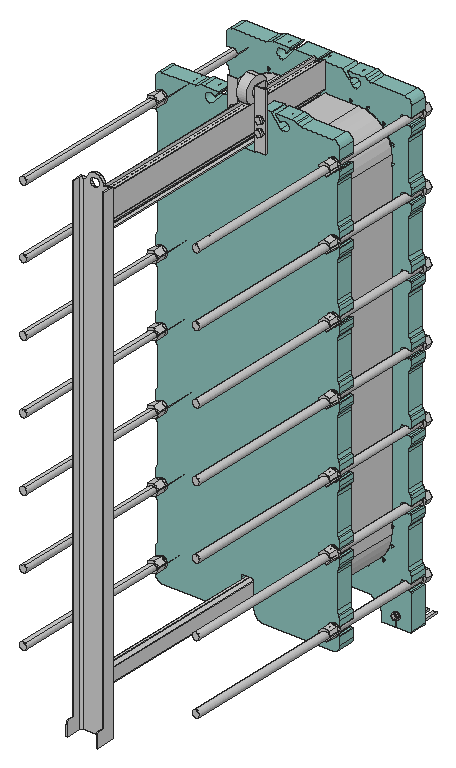
Revit family "Ekin_Endüstriyel - MIT585", category Specialty Equipment, Revit 2022
Family settings
  Round Connector Dimension = Use Diameter
  Part Type = Normal
  Work Plane-Based = No
  Always vertical = No
  Cut with Voids When Loaded = No
  Maintain Annotation Orientation = No
  Shared = No
  Room Calculation Point = No
Parameters (values of type "Flanged")
  URL = "https://en.ekinendustriyel.com/plate-heat-exchanger"
  Type Comments = ""
  Thickness_of_Plate [instance] = 0.50 mm  # constant formula
  Number_of_Plate [instance] = 70
  Model = if(Hygienic, if(Design Pressure < 11.0 bar, "H12340000F200L", if(Design Pressure < 16.0 bar, " H12340000F200M", " H12340000F200H")), if(Design Pressure < 10.0 bar, "E12340000F200L", if(Design Pressure < 16.0 bar, " E12340000F200M", " E12340000F200H")))  # " H12340000F200M"
  Material = Galvanized Steel- S235JR
  Manufacturer = "Ekin Endüstriyel"
  Lk [instance] = (Number_of_Plate) * ((Thickness_of_Plate) + 4.00 mm)  # 315.00 mm
  Lh [instance] = 2080.00 mm  # constant formula
  Lf [instance] = 1990.00 mm  # constant formula
  Lc [instance] = if(Number_of_Plate < 51, 900.00 mm, if(Number_of_Plate < 101, 1200.00 mm, if(Number_of_Plate < 201, 1800.00 mm, if(Number_of_Plate < 301, 2400.00 mm, if(Number_of_Plate < 401, 3000.00 mm, 3600.00 mm)))))  # 1200.00 mm
  La [instance] = 798.00 mm  # constant formula
  Keynote = ""
  Industrial [instance] = not(Hygienic)  # no
  Hygienic = yes
  Head & Follower Plate [instance] = if(Design Pressure < 11.0 bar, 55.00 mm, if(Design Pressure < 17.0 bar, 70.00 mm, 90.00 mm))  # 70.00 mm
  Follower Plate [instance] = -(Head & Follower Plate)  # -70.00 mm
  Design Pressure = 15 bar
  Description = if(Design Pressure < 11.0 bar, "MIT - Heat Exchanger - 10 bar", if(Design Pressure < 16.0 bar, " MIT - Heat Exchanger - 16 bar", " MIT - Heat Exchanger - 25 bar"))  # " MIT - Heat Exchanger - 16 bar"
  Default Elevation = 0.00 mm
Reference planes
  plane 1 "Center (Front/Back)": y = 0
  plane 2: z = 0
  plane 3 "Center (Left/Right)": x = 0
  plane 4: x = 1160
  plane 5: x = -1000
  plane 6 "2": y = -385
  plane 7 "1": y = -70
  plane 8 "3": y = -1270
  plane 9 "Bolt End": y = 18.7
  plane 10: y = -1200
Forms (mm)
  Extrusion 1, solid, material "Galvanized Steel", detail levels fine
    sketch origin (4.063, 0, 0) x (1, 0, 0) y (0, 0, 1)
      loop
        arc (202.399, 2075.981) -> (195.163, 2078.978) -> (187.399, 2080) r 30
        line (187.399, 2080) -> (121.253, 2080)
        arc (121.253, 2080) -> (118.534, 2078.268) -> (118.955, 2075.072) r 3
        line (118.955, 2075.072) -> (134.106, 2057.016)
        arc (134.106, 2057.016) -> (136.521, 2055.947) -> (138.845, 2057.201) r 3
        arc (138.845, 2057.201) -> (176.921, 2045.82) -> (139.85, 2031.501) r 21
        line (139.85, 2031.501) -> (100.054, 2078.928)
        arc (100.054, 2078.928) -> (99.024, 2079.719) -> (97.756, 2080) r 3
        line (97.756, 2080) -> (1.937, 2080)
        arc (1.937, 2080) -> (-0.184, 2079.121) -> (-1.063, 2077) r 3
        line (-1.063, 2077) -> (-1.063, 2062.466)
        arc (-1.063, 2062.466) -> (-0.644, 2060.936) -> (0.497, 2059.834) r 3
        arc (0.497, 2059.834) -> (5.437, 2051.5) -> (0.497, 2043.166) r 9.5
        arc (0.497, 2043.166) -> (-0.644, 2042.064) -> (-1.063, 2040.534) r 3
        line (-1.063, 2040.534) -> (-1.063, 2002.466)
        arc (-1.063, 2002.466) -> (-0.644, 2000.936) -> (0.497, 1999.834) r 3
        arc (0.497, 1999.834) -> (-4.063, 1982) -> (-8.623, 1999.834) r 9.5
        arc (-8.623, 1999.834) -> (-7.482, 2000.936) -> (-7.063, 2002.466) r 3
        line (-7.063, 2002.466) -> (-7.063, 2040.534)
        arc (-7.063, 2040.534) -> (-7.482, 2042.064) -> (-8.623, 2043.166) r 3
        arc (-8.623, 2043.166) -> (-13.563, 2051.5) -> (-8.623, 2059.834) r 9.5
        arc (-8.623, 2059.834) -> (-7.482, 2060.936) -> (-7.063, 2062.466) r 3
        line (-7.063, 2062.466) -> (-7.063, 2077)
        arc (-7.063, 2077) -> (-7.942, 2079.121) -> (-10.063, 2080) r 3
        line (-10.063, 2080) -> (-105.882, 2080)
        arc (-105.882, 2080) -> (-107.15, 2079.719) -> (-108.18, 2078.928) r 3
        line (-108.18, 2078.928) -> (-147.976, 2031.501)
        arc (-147.976, 2031.501) -> (-185.047, 2045.82) -> (-146.971, 2057.201) r 21
        arc (-146.971, 2057.201) -> (-144.647, 2055.947) -> (-142.232, 2057.016) r 3
        line (-142.232, 2057.016) -> (-127.081, 2075.072)
        arc (-127.081, 2075.072) -> (-126.66, 2078.268) -> (-129.379, 2080) r 3
        line (-129.379, 2080) -> (-195.525, 2080)
        arc (-195.525, 2080) -> (-203.289, 2078.978) -> (-210.525, 2075.981) r 30
        line (-210.525, 2075.981) -> (-217.386, 2072.019)
        arc (-217.386, 2072.019) -> (-224.622, 2069.022) -> (-232.386, 2068) r 30
        line (-232.386, 2068) -> (-373.063, 2068)
        arc (-373.063, 2068) -> (-394.276, 2059.213) -> (-403.063, 2038) r 30
        line (-403.063, 2038) -> (-403.063, 1994.25)
        arc (-403.063, 1994.25) -> (-402.184, 1992.129) -> (-400.063, 1991.25) r 3
        line (-400.063, 1991.25) -> (-391.396, 1991.25)
        arc (-391.396, 1991.25) -> (-390.452, 1991.402) -> (-389.604, 1991.844) r 3
        arc (-389.604, 1991.844) -> (-356.063, 1975) -> (-389.604, 1958.156) r 21
        arc (-389.604, 1958.156) -> (-390.452, 1958.598) -> (-391.396, 1958.75) r 3
        line (-391.396, 1958.75) -> (-400.063, 1958.75)
        arc (-400.063, 1958.75) -> (-402.184, 1957.871) -> (-403.063, 1955.75) r 3
        line (-403.063, 1955.75) -> (-403.063, 1934.038)
        arc (-403.063, 1934.038) -> (-402.041, 1926.274) -> (-399.044, 1919.038) r 30
        line (-399.044, 1919.038) -> (-395.082, 1912.177)
        arc (-395.082, 1912.177) -> (-392.085, 1904.941) -> (-391.063, 1897.177) r 30
        line (-391.063, 1897.177) -> (-391.063, 1753.254)
        arc (-391.063, 1753.254) -> (-392.085, 1745.489) -> (-395.082, 1738.254) r 30
        line (-395.082, 1738.254) -> (-399.044, 1731.392)
        arc (-399.044, 1731.392) -> (-402.041, 1724.157) -> (-403.063, 1716.392) r 30
        line (-403.063, 1716.392) -> (-403.063, 1694.25)
        arc (-403.063, 1694.25) -> (-402.184, 1692.129) -> (-400.063, 1691.25) r 3
        line (-400.063, 1691.25) -> (-391.396, 1691.25)
        arc (-391.396, 1691.25) -> (-390.452, 1691.402) -> (-389.604, 1691.844) r 3
        arc (-389.604, 1691.844) -> (-356.063, 1675) -> (-389.604, 1658.156) r 21
        arc (-389.604, 1658.156) -> (-390.452, 1658.598) -> (-391.396, 1658.75) r 3
        line (-391.396, 1658.75) -> (-400.063, 1658.75)
        arc (-400.063, 1658.75) -> (-402.184, 1657.871) -> (-403.063, 1655.75) r 3
        line (-403.063, 1655.75) -> (-403.063, 1634.038)
        arc (-403.063, 1634.038) -> (-402.041, 1626.274) -> (-399.044, 1619.038) r 30
        line (-399.044, 1619.038) -> (-395.082, 1612.177)
        arc (-395.082, 1612.177) -> (-392.085, 1604.941) -> (-391.063, 1597.177) r 30
        line (-391.063, 1597.177) -> (-391.063, 1453.254)
        arc (-391.063, 1453.254) -> (-392.085, 1445.489) -> (-395.082, 1438.254) r 30
        line (-395.082, 1438.254) -> (-399.044, 1431.392)
        arc (-399.044, 1431.392) -> (-402.041, 1424.157) -> (-403.063, 1416.392) r 30
        line (-403.063, 1416.392) -> (-403.063, 1394.25)
        arc (-403.063, 1394.25) -> (-402.184, 1392.129) -> (-400.063, 1391.25) r 3
        line (-400.063, 1391.25) -> (-391.396, 1391.25)
        arc (-391.396, 1391.25) -> (-390.452, 1391.402) -> (-389.604, 1391.844) r 3
        arc (-389.604, 1391.844) -> (-356.063, 1375) -> (-389.604, 1358.156) r 21
        arc (-389.604, 1358.156) -> (-390.452, 1358.598) -> (-391.396, 1358.75) r 3
        line (-391.396, 1358.75) -> (-400.063, 1358.75)
        arc (-400.063, 1358.75) -> (-402.184, 1357.871) -> (-403.063, 1355.75) r 3
        line (-403.063, 1355.75) -> (-403.063, 1334.038)
        arc (-403.063, 1334.038) -> (-402.041, 1326.274) -> (-399.044, 1319.038) r 30
        line (-399.044, 1319.038) -> (-395.082, 1312.177)
        arc (-395.082, 1312.177) -> (-392.085, 1304.941) -> (-391.063, 1297.177) r 30
        line (-391.063, 1297.177) -> (-391.063, 1153.254)
        arc (-391.063, 1153.254) -> (-392.085, 1145.489) -> (-395.082, 1138.254) r 30
        line (-395.082, 1138.254) -> (-399.044, 1131.392)
        arc (-399.044, 1131.392) -> (-402.041, 1124.157) -> (-403.063, 1116.392) r 30
        line (-403.063, 1116.392) -> (-403.063, 1094.25)
        arc (-403.063, 1094.25) -> (-402.184, 1092.129) -> (-400.063, 1091.25) r 3
        line (-400.063, 1091.25) -> (-391.396, 1091.25)
        arc (-391.396, 1091.25) -> (-390.452, 1091.402) -> (-389.604, 1091.844) r 3
        arc (-389.604, 1091.844) -> (-356.063, 1075) -> (-389.604, 1058.156) r 21
        arc (-389.604, 1058.156) -> (-390.452, 1058.598) -> (-391.396, 1058.75) r 3
        line (-391.396, 1058.75) -> (-400.063, 1058.75)
        arc (-400.063, 1058.75) -> (-402.184, 1057.871) -> (-403.063, 1055.75) r 3
        line (-403.063, 1055.75) -> (-403.063, 1034.038)
        arc (-403.063, 1034.038) -> (-402.041, 1026.274) -> (-399.044, 1019.038) r 30
        line (-399.044, 1019.038) -> (-395.082, 1012.177)
        arc (-395.082, 1012.177) -> (-392.085, 1004.941) -> (-391.063, 997.177) r 30
        line (-391.063, 997.177) -> (-391.063, 853.254)
        arc (-391.063, 853.254) -> (-392.085, 845.489) -> (-395.082, 838.254) r 30
        line (-395.082, 838.254) -> (-399.044, 831.392)
        arc (-399.044, 831.392) -> (-402.041, 824.157) -> (-403.063, 816.392) r 30
        line (-403.063, 816.392) -> (-403.063, 794.25)
        arc (-403.063, 794.25) -> (-402.184, 792.129) -> (-400.063, 791.25) r 3
        line (-400.063, 791.25) -> (-391.396, 791.25)
        arc (-391.396, 791.25) -> (-390.452, 791.402) -> (-389.604, 791.844) r 3
        arc (-389.604, 791.844) -> (-356.063, 775) -> (-389.604, 758.156) r 21
        arc (-389.604, 758.156) -> (-390.452, 758.598) -> (-391.396, 758.75) r 3
        line (-391.396, 758.75) -> (-400.063, 758.75)
        arc (-400.063, 758.75) -> (-402.184, 757.871) -> (-403.063, 755.75) r 3
        line (-403.063, 755.75) -> (-403.063, 734.038)
        arc (-403.063, 734.038) -> (-402.041, 726.274) -> (-399.044, 719.038) r 30
        line (-399.044, 719.038) -> (-395.082, 712.177)
        arc (-395.082, 712.177) -> (-392.085, 704.941) -> (-391.063, 697.177) r 30
        line (-391.063, 697.177) -> (-391.063, 553.254)
        arc (-391.063, 553.254) -> (-392.085, 545.489) -> (-395.082, 538.254) r 30
        line (-395.082, 538.254) -> (-399.044, 531.392)
        arc (-399.044, 531.392) -> (-402.041, 524.157) -> (-403.063, 516.392) r 30
        line (-403.063, 516.392) -> (-403.063, 494.25)
        arc (-403.063, 494.25) -> (-402.184, 492.129) -> (-400.063, 491.25) r 3
        line (-400.063, 491.25) -> (-391.396, 491.25)
        arc (-391.396, 491.25) -> (-390.452, 491.402) -> (-389.604, 491.844) r 3
        arc (-389.604, 491.844) -> (-356.063, 475) -> (-389.604, 458.156) r 21
        arc (-389.604, 458.156) -> (-390.452, 458.598) -> (-391.396, 458.75) r 3
        line (-391.396, 458.75) -> (-400.063, 458.75)
        arc (-400.063, 458.75) -> (-402.184, 457.871) -> (-403.063, 455.75) r 3
        line (-403.063, 455.75) -> (-403.063, 434.038)
        arc (-403.063, 434.038) -> (-402.041, 426.274) -> (-399.044, 419.038) r 30
        line (-399.044, 419.038) -> (-395.082, 412.177)
        arc (-395.082, 412.177) -> (-392.085, 404.941) -> (-391.063, 397.177) r 30
        line (-391.063, 397.177) -> (-391.063, 253.254)
        arc (-391.063, 253.254) -> (-392.085, 245.489) -> (-395.082, 238.254) r 30
        line (-395.082, 238.254) -> (-399.044, 231.392)
        arc (-399.044, 231.392) -> (-402.041, 224.157) -> (-403.063, 216.392) r 30
        line (-403.063, 216.392) -> (-403.063, 194.25)
        arc (-403.063, 194.25) -> (-402.184, 192.129) -> (-400.063, 191.25) r 3
        line (-400.063, 191.25) -> (-391.396, 191.25)
        arc (-391.396, 191.25) -> (-390.452, 191.402) -> (-389.604, 191.844) r 3
        arc (-389.604, 191.844) -> (-356.063, 175) -> (-389.604, 158.156) r 21
        arc (-389.604, 158.156) -> (-390.452, 158.598) -> (-391.396, 158.75) r 3
        line (-391.396, 158.75) -> (-400.063, 158.75)
        arc (-400.063, 158.75) -> (-402.184, 157.871) -> (-403.063, 155.75) r 3
        line (-403.063, 155.75) -> (-403.063, 5)
        arc (-403.063, 5) -> (-401.599, 1.464) -> (-398.063, 0) r 5
        line (-398.063, 0) -> (-344.063, 0)
        arc (-344.063, 0) -> (-341.942, 0.879) -> (-341.063, 3) r 3
        line (-341.063, 3) -> (-341.063, 32.907)
        arc (-341.063, 32.907) -> (-341.514, 34.488) -> (-342.73, 35.594) r 3
        arc (-342.73, 35.594) -> (-338.063, 55.5) -> (-333.396, 35.594) r 10.5
        arc (-333.396, 35.594) -> (-334.613, 34.488) -> (-335.063, 32.907) r 3
        line (-335.063, 32.907) -> (-335.063, 3)
        arc (-335.063, 3) -> (-334.184, 0.879) -> (-332.063, 0) r 3
        line (-332.063, 0) -> (-278.063, 0)
        arc (-278.063, 0) -> (-274.527, 1.464) -> (-273.063, 5) r 5
        line (-273.063, 5) -> (-273.063, 38.787)
        arc (-273.063, 38.787) -> (-271.921, 44.527) -> (-268.67, 49.393) r 15
        line (-268.67, 49.393) -> (-232.456, 85.607)
        arc (-232.456, 85.607) -> (-227.59, 88.858) -> (-221.85, 90) r 15
        line (-221.85, 90) -> (-10.063, 90)
        arc (-10.063, 90) -> (-7.942, 90.879) -> (-7.063, 93) r 3
        line (-7.063, 93) -> (-7.063, 142.034)
        arc (-7.063, 142.034) -> (-7.482, 143.564) -> (-8.623, 144.666) r 3
        arc (-8.623, 144.666) -> (-13.563, 153) -> (-8.623, 161.334) r 9.5
        arc (-8.623, 161.334) -> (-7.482, 162.436) -> (-7.063, 163.966) r 3
        line (-7.063, 163.966) -> (-7.063, 202.034)
        arc (-7.063, 202.034) -> (-7.482, 203.564) -> (-8.623, 204.666) r 3
        arc (-8.623, 204.666) -> (-4.063, 222.5) -> (0.497, 204.666) r 9.5
        arc (0.497, 204.666) -> (-0.644, 203.564) -> (-1.063, 202.034) r 3
        line (-1.063, 202.034) -> (-1.063, 163.966)
        arc (-1.063, 163.966) -> (-0.644, 162.436) -> (0.497, 161.334) r 3
        arc (0.497, 161.334) -> (5.437, 153) -> (0.497, 144.666) r 9.5
        arc (0.497, 144.666) -> (-0.644, 143.564) -> (-1.063, 142.034) r 3
        line (-1.063, 142.034) -> (-1.063, 93)
        arc (-1.063, 93) -> (-0.184, 90.879) -> (1.937, 90) r 3
        line (1.937, 90) -> (213.724, 90)
        arc (213.724, 90) -> (219.464, 88.858) -> (224.33, 85.607) r 15
        line (224.33, 85.607) -> (260.544, 49.393)
        arc (260.544, 49.393) -> (263.795, 44.527) -> (264.937, 38.787) r 15
        line (264.937, 38.787) -> (264.937, 5)
        arc (264.937, 5) -> (266.401, 1.464) -> (269.937, 0) r 5
        line (269.937, 0) -> (323.937, 0)
        arc (323.937, 0) -> (326.058, 0.879) -> (326.937, 3) r 3
        line (326.937, 3) -> (326.937, 32.907)
        arc (326.937, 32.907) -> (326.486, 34.488) -> (325.27, 35.594) r 3
        arc (325.27, 35.594) -> (329.937, 55.5) -> (334.604, 35.594) r 10.5
        arc (334.604, 35.594) -> (333.387, 34.488) -> (332.937, 32.907) r 3
        line (332.937, 32.907) -> (332.937, 3)
        arc (332.937, 3) -> (333.816, 0.879) -> (335.937, 0) r 3
        line (335.937, 0) -> (389.937, 0)
        arc (389.937, 0) -> (393.473, 1.464) -> (394.937, 5) r 5
        line (394.937, 5) -> (394.937, 155.75)
        arc (394.937, 155.75) -> (394.058, 157.871) -> (391.937, 158.75) r 3
        line (391.937, 158.75) -> (383.27, 158.75)
        arc (383.27, 158.75) -> (382.326, 158.598) -> (381.478, 158.156) r 3
        arc (381.478, 158.156) -> (347.937, 175) -> (381.478, 191.844) r 21
        arc (381.478, 191.844) -> (382.326, 191.402) -> (383.27, 191.25) r 3
        line (383.27, 191.25) -> (391.937, 191.25)
        arc (391.937, 191.25) -> (394.058, 192.129) -> (394.937, 194.25) r 3
        line (394.937, 194.25) -> (394.937, 216.392)
        arc (394.937, 216.392) -> (393.915, 224.157) -> (390.918, 231.392) r 30
        line (390.918, 231.392) -> (386.956, 238.254)
        arc (386.956, 238.254) -> (383.959, 245.489) -> (382.937, 253.254) r 30
        line (382.937, 253.254) -> (382.937, 397.177)
        arc (382.937, 397.177) -> (383.959, 404.941) -> (386.956, 412.177) r 30
        line (386.956, 412.177) -> (390.918, 419.038)
        arc (390.918, 419.038) -> (393.915, 426.274) -> (394.937, 434.038) r 30
        line (394.937, 434.038) -> (394.937, 455.75)
        arc (394.937, 455.75) -> (394.058, 457.871) -> (391.937, 458.75) r 3
        line (391.937, 458.75) -> (383.27, 458.75)
        arc (383.27, 458.75) -> (382.326, 458.598) -> (381.478, 458.156) r 3
        arc (381.478, 458.156) -> (347.937, 475) -> (381.478, 491.844) r 21
        arc (381.478, 491.844) -> (382.326, 491.402) -> (383.27, 491.25) r 3
        line (383.27, 491.25) -> (391.937, 491.25)
        arc (391.937, 491.25) -> (394.058, 492.129) -> (394.937, 494.25) r 3
        line (394.937, 494.25) -> (394.937, 516.392)
        arc (394.937, 516.392) -> (393.915, 524.157) -> (390.918, 531.392) r 30
        line (390.918, 531.392) -> (386.956, 538.254)
        arc (386.956, 538.254) -> (383.959, 545.489) -> (382.937, 553.254) r 30
        line (382.937, 553.254) -> (382.937, 697.177)
        arc (382.937, 697.177) -> (383.959, 704.941) -> (386.956, 712.177) r 30
        line (386.956, 712.177) -> (390.918, 719.038)
        arc (390.918, 719.038) -> (393.915, 726.274) -> (394.937, 734.038) r 30
        line (394.937, 734.038) -> (394.937, 755.75)
        arc (394.937, 755.75) -> (394.058, 757.871) -> (391.937, 758.75) r 3
        line (391.937, 758.75) -> (383.27, 758.75)
        arc (383.27, 758.75) -> (382.326, 758.598) -> (381.478, 758.156) r 3
        arc (381.478, 758.156) -> (347.937, 775) -> (381.478, 791.844) r 21
        arc (381.478, 791.844) -> (382.326, 791.402) -> (383.27, 791.25) r 3
        line (383.27, 791.25) -> (391.937, 791.25)
        arc (391.937, 791.25) -> (394.058, 792.129) -> (394.937, 794.25) r 3
        line (394.937, 794.25) -> (394.937, 816.392)
        arc (394.937, 816.392) -> (393.915, 824.157) -> (390.918, 831.392) r 30
        line (390.918, 831.392) -> (386.956, 838.254)
        arc (386.956, 838.254) -> (383.959, 845.489) -> (382.937, 853.254) r 30
        line (382.937, 853.254) -> (382.937, 997.177)
        arc (382.937, 997.177) -> (383.959, 1004.941) -> (386.956, 1012.177) r 30
        line (386.956, 1012.177) -> (390.918, 1019.038)
        arc (390.918, 1019.038) -> (393.915, 1026.274) -> (394.937, 1034.038) r 30
        line (394.937, 1034.038) -> (394.937, 1055.75)
        arc (394.937, 1055.75) -> (394.058, 1057.871) -> (391.937, 1058.75) r 3
        line (391.937, 1058.75) -> (383.27, 1058.75)
        arc (383.27, 1058.75) -> (382.326, 1058.598) -> (381.478, 1058.156) r 3
        arc (381.478, 1058.156) -> (347.937, 1075) -> (381.478, 1091.844) r 21
        arc (381.478, 1091.844) -> (382.326, 1091.402) -> (383.27, 1091.25) r 3
        line (383.27, 1091.25) -> (391.937, 1091.25)
        arc (391.937, 1091.25) -> (394.058, 1092.129) -> (394.937, 1094.25) r 3
        line (394.937, 1094.25) -> (394.937, 1116.392)
        arc (394.937, 1116.392) -> (393.915, 1124.157) -> (390.918, 1131.392) r 30
        line (390.918, 1131.392) -> (386.956, 1138.254)
        arc (386.956, 1138.254) -> (383.959, 1145.489) -> (382.937, 1153.254) r 30
        line (382.937, 1153.254) -> (382.937, 1297.177)
        arc (382.937, 1297.177) -> (383.959, 1304.941) -> (386.956, 1312.177) r 30
        line (386.956, 1312.177) -> (390.918, 1319.038)
        arc (390.918, 1319.038) -> (393.915, 1326.274) -> (394.937, 1334.038) r 30
        line (394.937, 1334.038) -> (394.937, 1355.75)
        arc (394.937, 1355.75) -> (394.058, 1357.871) -> (391.937, 1358.75) r 3
        line (391.937, 1358.75) -> (383.27, 1358.75)
        arc (383.27, 1358.75) -> (382.326, 1358.598) -> (381.478, 1358.156) r 3
        arc (381.478, 1358.156) -> (347.937, 1375) -> (381.478, 1391.844) r 21
        arc (381.478, 1391.844) -> (382.326, 1391.402) -> (383.27, 1391.25) r 3
        line (383.27, 1391.25) -> (391.937, 1391.25)
        arc (391.937, 1391.25) -> (394.058, 1392.129) -> (394.937, 1394.25) r 3
        line (394.937, 1394.25) -> (394.937, 1416.392)
        arc (394.937, 1416.392) -> (393.915, 1424.157) -> (390.918, 1431.392) r 30
        line (390.918, 1431.392) -> (386.956, 1438.254)
        arc (386.956, 1438.254) -> (383.959, 1445.489) -> (382.937, 1453.254) r 30
        line (382.937, 1453.254) -> (382.937, 1597.177)
        arc (382.937, 1597.177) -> (383.959, 1604.941) -> (386.956, 1612.177) r 30
        line (386.956, 1612.177) -> (390.918, 1619.038)
        arc (390.918, 1619.038) -> (393.915, 1626.274) -> (394.937, 1634.038) r 30
        line (394.937, 1634.038) -> (394.937, 1655.75)
        arc (394.937, 1655.75) -> (394.058, 1657.871) -> (391.937, 1658.75) r 3
        line (391.937, 1658.75) -> (383.27, 1658.75)
        arc (383.27, 1658.75) -> (382.326, 1658.598) -> (381.478, 1658.156) r 3
        arc (381.478, 1658.156) -> (347.937, 1675) -> (381.478, 1691.844) r 21
        arc (381.478, 1691.844) -> (382.326, 1691.402) -> (383.27, 1691.25) r 3
        line (383.27, 1691.25) -> (391.937, 1691.25)
        arc (391.937, 1691.25) -> (394.058, 1692.129) -> (394.937, 1694.25) r 3
        line (394.937, 1694.25) -> (394.937, 1716.392)
        arc (394.937, 1716.392) -> (393.915, 1724.157) -> (390.918, 1731.392) r 30
        line (390.918, 1731.392) -> (386.956, 1738.254)
        arc (386.956, 1738.254) -> (383.959, 1745.489) -> (382.937, 1753.254) r 30
        line (382.937, 1753.254) -> (382.937, 1897.177)
        arc (382.937, 1897.177) -> (383.959, 1904.941) -> (386.956, 1912.177) r 30
        line (386.956, 1912.177) -> (390.918, 1919.038)
        arc (390.918, 1919.038) -> (393.915, 1926.274) -> (394.937, 1934.038) r 30
        line (394.937, 1934.038) -> (394.937, 1955.75)
        arc (394.937, 1955.75) -> (394.058, 1957.871) -> (391.937, 1958.75) r 3
        line (391.937, 1958.75) -> (383.27, 1958.75)
        arc (383.27, 1958.75) -> (382.326, 1958.598) -> (381.478, 1958.156) r 3
        arc (381.478, 1958.156) -> (347.937, 1975) -> (381.478, 1991.844) r 21
        arc (381.478, 1991.844) -> (382.326, 1991.402) -> (383.27, 1991.25) r 3
        line (383.27, 1991.25) -> (391.937, 1991.25)
        arc (391.937, 1991.25) -> (394.058, 1992.129) -> (394.937, 1994.25) r 3
        line (394.937, 1994.25) -> (394.937, 2038)
        arc (394.937, 2038) -> (386.15, 2059.213) -> (364.937, 2068) r 30
        line (364.937, 2068) -> (224.26, 2068)
        arc (224.26, 2068) -> (216.495, 2069.022) -> (209.26, 2072.019) r 30
        line (209.26, 2072.019) -> (202.399, 2075.981)
      loop
        circle (172.437, 1824) r 134
      loop
        circle (314.911, 1862.176) r 7
      loop
        circle (314.911, 1785.824) r 7
      loop
        circle (276.735, 1928.298) r 7
      loop
        circle (210.613, 1966.474) r 7
      loop
        circle (276.735, 1719.702) r 7
      loop
        circle (210.613, 1681.526) r 7
      loop
        circle (29.963, 1862.176) r 7
      loop
        circle (29.963, 1785.824) r 7
      loop
        circle (68.139, 1928.298) r 7
      loop
        circle (134.261, 1966.474) r 7
      loop
        circle (68.139, 1719.702) r 7
      loop
        circle (134.261, 1681.526) r 7
      loop
        circle (172.437, 346) r 134
      loop
        circle (314.911, 384.176) r 7
      loop
        circle (314.911, 307.824) r 7
      loop
        circle (276.735, 450.298) r 7
      loop
        circle (210.613, 488.474) r 7
      loop
        circle (276.735, 241.702) r 7
      loop
        circle (210.613, 203.526) r 7
      loop
        circle (29.963, 384.176) r 7
      loop
        circle (29.963, 307.824) r 7
      loop
        circle (68.139, 450.298) r 7
      loop
        circle (134.261, 488.474) r 7
      loop
        circle (68.139, 241.702) r 7
      loop
        circle (134.261, 203.526) r 7
      loop
        circle (-180.563, 1824) r 134
      loop
        circle (-323.037, 1862.176) r 7
      loop
        circle (-323.037, 1785.824) r 7
      loop
        circle (-284.861, 1928.298) r 7
      loop
        circle (-218.739, 1966.474) r 7
      loop
        circle (-284.861, 1719.702) r 7
      loop
        circle (-218.739, 1681.526) r 7
      loop
        circle (-38.089, 1862.176) r 7
      loop
        circle (-38.089, 1785.824) r 7
      loop
        circle (-76.265, 1928.298) r 7
      loop
        circle (-142.387, 1966.474) r 7
      loop
        circle (-76.265, 1719.702) r 7
      loop
        circle (-142.387, 1681.526) r 7
      loop
        circle (-180.563, 346) r 134
      loop
        circle (-323.037, 384.176) r 7
      loop
        circle (-323.037, 307.824) r 7
      loop
        circle (-284.861, 450.298) r 7
      loop
        circle (-218.739, 488.474) r 7
      loop
        circle (-284.861, 241.702) r 7
      loop
        circle (-218.739, 203.526) r 7
      loop
        circle (-38.089, 384.176) r 7
      loop
        circle (-38.089, 307.824) r 7
      loop
        circle (-76.265, 450.298) r 7
      loop
        circle (-142.387, 488.474) r 7
      loop
        circle (-76.265, 241.702) r 7
      loop
        circle (-142.387, 203.526) r 7
    from 0 to 70
  Extrusion 2, solid, material "Galvanized Steel", detail levels fine
    sketch origin (4.063, -385, 0) x (-1, 0, 0) y (0, 0, 1)
      loop
        line (-202.399, 2075.981) -> (-209.26, 2072.019)
        arc (-209.26, 2072.019) -> (-216.495, 2069.022) -> (-224.26, 2068) r 30
        line (-224.26, 2068) -> (-364.937, 2068)
        arc (-364.937, 2068) -> (-386.15, 2059.213) -> (-394.937, 2038) r 30
        line (-394.937, 2038) -> (-394.937, 1994.25)
        arc (-394.937, 1994.25) -> (-394.058, 1992.129) -> (-391.937, 1991.25) r 3
        line (-391.937, 1991.25) -> (-383.27, 1991.25)
        arc (-383.27, 1991.25) -> (-382.326, 1991.402) -> (-381.478, 1991.844) r 3
        arc (-381.478, 1991.844) -> (-347.937, 1975) -> (-381.478, 1958.156) r 21
        arc (-381.478, 1958.156) -> (-382.326, 1958.598) -> (-383.27, 1958.75) r 3
        line (-383.27, 1958.75) -> (-391.937, 1958.75)
        arc (-391.937, 1958.75) -> (-394.058, 1957.871) -> (-394.937, 1955.75) r 3
        line (-394.937, 1955.75) -> (-394.937, 1934.038)
        arc (-394.937, 1934.038) -> (-393.915, 1926.274) -> (-390.918, 1919.038) r 30
        line (-390.918, 1919.038) -> (-386.956, 1912.177)
        arc (-386.956, 1912.177) -> (-383.959, 1904.941) -> (-382.937, 1897.177) r 30
        line (-382.937, 1897.177) -> (-382.937, 1753.254)
        arc (-382.937, 1753.254) -> (-383.959, 1745.489) -> (-386.956, 1738.254) r 30
        line (-386.956, 1738.254) -> (-390.918, 1731.392)
        arc (-390.918, 1731.392) -> (-393.915, 1724.157) -> (-394.937, 1716.392) r 30
        line (-394.937, 1716.392) -> (-394.937, 1694.25)
        arc (-394.937, 1694.25) -> (-394.058, 1692.129) -> (-391.937, 1691.25) r 3
        line (-391.937, 1691.25) -> (-383.27, 1691.25)
        arc (-383.27, 1691.25) -> (-382.326, 1691.402) -> (-381.478, 1691.844) r 3
        arc (-381.478, 1691.844) -> (-347.937, 1675) -> (-381.478, 1658.156) r 21
        arc (-381.478, 1658.156) -> (-382.326, 1658.598) -> (-383.27, 1658.75) r 3
        line (-383.27, 1658.75) -> (-391.937, 1658.75)
        arc (-391.937, 1658.75) -> (-394.058, 1657.871) -> (-394.937, 1655.75) r 3
        line (-394.937, 1655.75) -> (-394.937, 1634.038)
        arc (-394.937, 1634.038) -> (-393.915, 1626.274) -> (-390.918, 1619.038) r 30
        line (-390.918, 1619.038) -> (-386.956, 1612.177)
        arc (-386.956, 1612.177) -> (-383.959, 1604.941) -> (-382.937, 1597.177) r 30
        line (-382.937, 1597.177) -> (-382.937, 1453.254)
        arc (-382.937, 1453.254) -> (-383.959, 1445.489) -> (-386.956, 1438.254) r 30
        line (-386.956, 1438.254) -> (-390.918, 1431.392)
        arc (-390.918, 1431.392) -> (-393.915, 1424.157) -> (-394.937, 1416.392) r 30
        line (-394.937, 1416.392) -> (-394.937, 1394.25)
        arc (-394.937, 1394.25) -> (-394.058, 1392.129) -> (-391.937, 1391.25) r 3
        line (-391.937, 1391.25) -> (-383.27, 1391.25)
        arc (-383.27, 1391.25) -> (-382.326, 1391.402) -> (-381.478, 1391.844) r 3
        arc (-381.478, 1391.844) -> (-347.937, 1375) -> (-381.478, 1358.156) r 21
        arc (-381.478, 1358.156) -> (-382.326, 1358.598) -> (-383.27, 1358.75) r 3
        line (-383.27, 1358.75) -> (-391.937, 1358.75)
        arc (-391.937, 1358.75) -> (-394.058, 1357.871) -> (-394.937, 1355.75) r 3
        line (-394.937, 1355.75) -> (-394.937, 1334.038)
        arc (-394.937, 1334.038) -> (-393.915, 1326.274) -> (-390.918, 1319.038) r 30
        line (-390.918, 1319.038) -> (-386.956, 1312.177)
        arc (-386.956, 1312.177) -> (-383.959, 1304.941) -> (-382.937, 1297.177) r 30
        line (-382.937, 1297.177) -> (-382.937, 1153.254)
        arc (-382.937, 1153.254) -> (-383.959, 1145.489) -> (-386.956, 1138.254) r 30
        line (-386.956, 1138.254) -> (-390.918, 1131.392)
        arc (-390.918, 1131.392) -> (-393.915, 1124.157) -> (-394.937, 1116.392) r 30
        line (-394.937, 1116.392) -> (-394.937, 1094.25)
        arc (-394.937, 1094.25) -> (-394.058, 1092.129) -> (-391.937, 1091.25) r 3
        line (-391.937, 1091.25) -> (-383.27, 1091.25)
        arc (-383.27, 1091.25) -> (-382.326, 1091.402) -> (-381.478, 1091.844) r 3
        arc (-381.478, 1091.844) -> (-347.937, 1075) -> (-381.478, 1058.156) r 21
        arc (-381.478, 1058.156) -> (-382.326, 1058.598) -> (-383.27, 1058.75) r 3
        line (-383.27, 1058.75) -> (-391.937, 1058.75)
        arc (-391.937, 1058.75) -> (-394.058, 1057.871) -> (-394.937, 1055.75) r 3
        line (-394.937, 1055.75) -> (-394.937, 1034.038)
        arc (-394.937, 1034.038) -> (-393.915, 1026.274) -> (-390.918, 1019.038) r 30
        line (-390.918, 1019.038) -> (-386.956, 1012.177)
        arc (-386.956, 1012.177) -> (-383.959, 1004.941) -> (-382.937, 997.177) r 30
        line (-382.937, 997.177) -> (-382.937, 853.254)
        arc (-382.937, 853.254) -> (-383.959, 845.489) -> (-386.956, 838.254) r 30
        line (-386.956, 838.254) -> (-390.918, 831.392)
        arc (-390.918, 831.392) -> (-393.915, 824.157) -> (-394.937, 816.392) r 30
        line (-394.937, 816.392) -> (-394.937, 794.25)
        arc (-394.937, 794.25) -> (-394.058, 792.129) -> (-391.937, 791.25) r 3
        line (-391.937, 791.25) -> (-383.27, 791.25)
        arc (-383.27, 791.25) -> (-382.326, 791.402) -> (-381.478, 791.844) r 3
        arc (-381.478, 791.844) -> (-347.937, 775) -> (-381.478, 758.156) r 21
        arc (-381.478, 758.156) -> (-382.326, 758.598) -> (-383.27, 758.75) r 3
        line (-383.27, 758.75) -> (-391.937, 758.75)
        arc (-391.937, 758.75) -> (-394.058, 757.871) -> (-394.937, 755.75) r 3
        line (-394.937, 755.75) -> (-394.937, 734.038)
        arc (-394.937, 734.038) -> (-393.915, 726.274) -> (-390.918, 719.038) r 30
        line (-390.918, 719.038) -> (-386.956, 712.177)
        arc (-386.956, 712.177) -> (-383.959, 704.941) -> (-382.937, 697.177) r 30
        line (-382.937, 697.177) -> (-382.937, 553.254)
        arc (-382.937, 553.254) -> (-383.959, 545.489) -> (-386.956, 538.254) r 30
        line (-386.956, 538.254) -> (-390.918, 531.392)
        arc (-390.918, 531.392) -> (-393.915, 524.157) -> (-394.937, 516.392) r 30
        line (-394.937, 516.392) -> (-394.937, 494.25)
        arc (-394.937, 494.25) -> (-394.058, 492.129) -> (-391.937, 491.25) r 3
        line (-391.937, 491.25) -> (-383.27, 491.25)
        arc (-383.27, 491.25) -> (-382.326, 491.402) -> (-381.478, 491.844) r 3
        arc (-381.478, 491.844) -> (-347.937, 475) -> (-381.478, 458.156) r 21
        arc (-381.478, 458.156) -> (-382.326, 458.598) -> (-383.27, 458.75) r 3
        line (-383.27, 458.75) -> (-391.937, 458.75)
        arc (-391.937, 458.75) -> (-394.058, 457.871) -> (-394.937, 455.75) r 3
        line (-394.937, 455.75) -> (-394.937, 434.038)
        arc (-394.937, 434.038) -> (-393.915, 426.274) -> (-390.918, 419.038) r 30
        line (-390.918, 419.038) -> (-386.956, 412.177)
        arc (-386.956, 412.177) -> (-383.959, 404.941) -> (-382.937, 397.177) r 30
        line (-382.937, 397.177) -> (-382.937, 253.254)
        arc (-382.937, 253.254) -> (-383.959, 245.489) -> (-386.956, 238.254) r 30
        line (-386.956, 238.254) -> (-390.918, 231.392)
        arc (-390.918, 231.392) -> (-393.915, 224.157) -> (-394.937, 216.392) r 30
        line (-394.937, 216.392) -> (-394.937, 194.25)
        arc (-394.937, 194.25) -> (-394.058, 192.129) -> (-391.937, 191.25) r 3
        line (-391.937, 191.25) -> (-383.27, 191.25)
        arc (-383.27, 191.25) -> (-382.326, 191.402) -> (-381.478, 191.844) r 3
        arc (-381.478, 191.844) -> (-347.937, 175) -> (-381.478, 158.156) r 21
        arc (-381.478, 158.156) -> (-382.326, 158.598) -> (-383.27, 158.75) r 3
        line (-383.27, 158.75) -> (-391.937, 158.75)
        arc (-391.937, 158.75) -> (-394.058, 157.871) -> (-394.937, 155.75) r 3
        line (-394.937, 155.75) -> (-394.937, 120)
        arc (-394.937, 120) -> (-386.15, 98.787) -> (-364.937, 90) r 30
        line (-364.937, 90) -> (-63.437, 90)
        arc (-63.437, 90) -> (-35.153, 101.716) -> (-23.437, 130) r 40
        line (-23.437, 130) -> (-23.437, 240)
        arc (-23.437, 240) -> (-20.508, 247.071) -> (-13.437, 250) r 10
        line (-13.437, 250) -> (21.563, 250)
        arc (21.563, 250) -> (28.634, 247.071) -> (31.563, 240) r 10
        line (31.563, 240) -> (31.563, 130)
        arc (31.563, 130) -> (43.279, 101.716) -> (71.563, 90) r 40
        line (71.563, 90) -> (373.063, 90)
        arc (373.063, 90) -> (394.276, 98.787) -> (403.063, 120) r 30
        line (403.063, 120) -> (403.063, 155.75)
        arc (403.063, 155.75) -> (402.184, 157.871) -> (400.063, 158.75) r 3
        line (400.063, 158.75) -> (391.396, 158.75)
        arc (391.396, 158.75) -> (390.452, 158.598) -> (389.604, 158.156) r 3
        arc (389.604, 158.156) -> (356.063, 175) -> (389.604, 191.844) r 21
        arc (389.604, 191.844) -> (390.452, 191.402) -> (391.396, 191.25) r 3
        line (391.396, 191.25) -> (400.063, 191.25)
        arc (400.063, 191.25) -> (402.184, 192.129) -> (403.063, 194.25) r 3
        line (403.063, 194.25) -> (403.063, 216.392)
        arc (403.063, 216.392) -> (402.041, 224.157) -> (399.044, 231.392) r 30
        line (399.044, 231.392) -> (395.082, 238.254)
        arc (395.082, 238.254) -> (392.085, 245.489) -> (391.063, 253.254) r 30
        line (391.063, 253.254) -> (391.063, 397.177)
        arc (391.063, 397.177) -> (392.085, 404.941) -> (395.082, 412.177) r 30
        line (395.082, 412.177) -> (399.044, 419.038)
        arc (399.044, 419.038) -> (402.041, 426.274) -> (403.063, 434.038) r 30
        line (403.063, 434.038) -> (403.063, 455.75)
        arc (403.063, 455.75) -> (402.184, 457.871) -> (400.063, 458.75) r 3
        line (400.063, 458.75) -> (391.396, 458.75)
        arc (391.396, 458.75) -> (390.452, 458.598) -> (389.604, 458.156) r 3
        arc (389.604, 458.156) -> (356.063, 475) -> (389.604, 491.844) r 21
        arc (389.604, 491.844) -> (390.452, 491.402) -> (391.396, 491.25) r 3
        line (391.396, 491.25) -> (400.063, 491.25)
        arc (400.063, 491.25) -> (402.184, 492.129) -> (403.063, 494.25) r 3
        line (403.063, 494.25) -> (403.063, 516.392)
        arc (403.063, 516.392) -> (402.041, 524.157) -> (399.044, 531.392) r 30
        line (399.044, 531.392) -> (395.082, 538.254)
        arc (395.082, 538.254) -> (392.085, 545.489) -> (391.063, 553.254) r 30
        line (391.063, 553.254) -> (391.063, 697.177)
        arc (391.063, 697.177) -> (392.085, 704.941) -> (395.082, 712.177) r 30
        line (395.082, 712.177) -> (399.044, 719.038)
        arc (399.044, 719.038) -> (402.041, 726.274) -> (403.063, 734.038) r 30
        line (403.063, 734.038) -> (403.063, 755.75)
        arc (403.063, 755.75) -> (402.184, 757.871) -> (400.063, 758.75) r 3
        line (400.063, 758.75) -> (391.396, 758.75)
        arc (391.396, 758.75) -> (390.452, 758.598) -> (389.604, 758.156) r 3
        arc (389.604, 758.156) -> (356.063, 775) -> (389.604, 791.844) r 21
        arc (389.604, 791.844) -> (390.452, 791.402) -> (391.396, 791.25) r 3
        line (391.396, 791.25) -> (400.063, 791.25)
        arc (400.063, 791.25) -> (402.184, 792.129) -> (403.063, 794.25) r 3
        line (403.063, 794.25) -> (403.063, 816.392)
        arc (403.063, 816.392) -> (402.041, 824.157) -> (399.044, 831.392) r 30
        line (399.044, 831.392) -> (395.082, 838.254)
        arc (395.082, 838.254) -> (392.085, 845.489) -> (391.063, 853.254) r 30
        line (391.063, 853.254) -> (391.063, 997.177)
        arc (391.063, 997.177) -> (392.085, 1004.941) -> (395.082, 1012.177) r 30
        line (395.082, 1012.177) -> (399.044, 1019.038)
        arc (399.044, 1019.038) -> (402.041, 1026.274) -> (403.063, 1034.038) r 30
        line (403.063, 1034.038) -> (403.063, 1055.75)
        arc (403.063, 1055.75) -> (402.184, 1057.871) -> (400.063, 1058.75) r 3
        line (400.063, 1058.75) -> (391.396, 1058.75)
        arc (391.396, 1058.75) -> (390.452, 1058.598) -> (389.604, 1058.156) r 3
        arc (389.604, 1058.156) -> (356.063, 1075) -> (389.604, 1091.844) r 21
        arc (389.604, 1091.844) -> (390.452, 1091.402) -> (391.396, 1091.25) r 3
        line (391.396, 1091.25) -> (400.063, 1091.25)
        arc (400.063, 1091.25) -> (402.184, 1092.129) -> (403.063, 1094.25) r 3
        line (403.063, 1094.25) -> (403.063, 1116.392)
        arc (403.063, 1116.392) -> (402.041, 1124.157) -> (399.044, 1131.392) r 30
        line (399.044, 1131.392) -> (395.082, 1138.254)
        arc (395.082, 1138.254) -> (392.085, 1145.489) -> (391.063, 1153.254) r 30
        line (391.063, 1153.254) -> (391.063, 1297.177)
        arc (391.063, 1297.177) -> (392.085, 1304.941) -> (395.082, 1312.177) r 30
        line (395.082, 1312.177) -> (399.044, 1319.038)
        arc (399.044, 1319.038) -> (402.041, 1326.274) -> (403.063, 1334.038) r 30
        line (403.063, 1334.038) -> (403.063, 1355.75)
        arc (403.063, 1355.75) -> (402.184, 1357.871) -> (400.063, 1358.75) r 3
        line (400.063, 1358.75) -> (391.396, 1358.75)
        arc (391.396, 1358.75) -> (390.452, 1358.598) -> (389.604, 1358.156) r 3
        arc (389.604, 1358.156) -> (356.063, 1375) -> (389.604, 1391.844) r 21
        arc (389.604, 1391.844) -> (390.452, 1391.402) -> (391.396, 1391.25) r 3
        line (391.396, 1391.25) -> (400.063, 1391.25)
        arc (400.063, 1391.25) -> (402.184, 1392.129) -> (403.063, 1394.25) r 3
        line (403.063, 1394.25) -> (403.063, 1416.392)
        arc (403.063, 1416.392) -> (402.041, 1424.157) -> (399.044, 1431.392) r 30
        line (399.044, 1431.392) -> (395.082, 1438.254)
        arc (395.082, 1438.254) -> (392.085, 1445.489) -> (391.063, 1453.254) r 30
        line (391.063, 1453.254) -> (391.063, 1597.177)
        arc (391.063, 1597.177) -> (392.085, 1604.941) -> (395.082, 1612.177) r 30
        line (395.082, 1612.177) -> (399.044, 1619.038)
        arc (399.044, 1619.038) -> (402.041, 1626.274) -> (403.063, 1634.038) r 30
        line (403.063, 1634.038) -> (403.063, 1655.75)
        arc (403.063, 1655.75) -> (402.184, 1657.871) -> (400.063, 1658.75) r 3
        line (400.063, 1658.75) -> (391.396, 1658.75)
        arc (391.396, 1658.75) -> (390.452, 1658.598) -> (389.604, 1658.156) r 3
        arc (389.604, 1658.156) -> (356.063, 1675) -> (389.604, 1691.844) r 21
        arc (389.604, 1691.844) -> (390.452, 1691.402) -> (391.396, 1691.25) r 3
        line (391.396, 1691.25) -> (400.063, 1691.25)
        arc (400.063, 1691.25) -> (402.184, 1692.129) -> (403.063, 1694.25) r 3
        line (403.063, 1694.25) -> (403.063, 1716.392)
        arc (403.063, 1716.392) -> (402.041, 1724.157) -> (399.044, 1731.392) r 30
        line (399.044, 1731.392) -> (395.082, 1738.254)
        arc (395.082, 1738.254) -> (392.085, 1745.489) -> (391.063, 1753.254) r 30
        line (391.063, 1753.254) -> (391.063, 1897.177)
        arc (391.063, 1897.177) -> (392.085, 1904.941) -> (395.082, 1912.177) r 30
        line (395.082, 1912.177) -> (399.044, 1919.038)
        arc (399.044, 1919.038) -> (402.041, 1926.274) -> (403.063, 1934.038) r 30
        line (403.063, 1934.038) -> (403.063, 1955.75)
        arc (403.063, 1955.75) -> (402.184, 1957.871) -> (400.063, 1958.75) r 3
        line (400.063, 1958.75) -> (391.396, 1958.75)
        arc (391.396, 1958.75) -> (390.452, 1958.598) -> (389.604, 1958.156) r 3
        arc (389.604, 1958.156) -> (356.063, 1975) -> (389.604, 1991.844) r 21
        arc (389.604, 1991.844) -> (390.452, 1991.402) -> (391.396, 1991.25) r 3
        line (391.396, 1991.25) -> (400.063, 1991.25)
        arc (400.063, 1991.25) -> (402.184, 1992.129) -> (403.063, 1994.25) r 3
        line (403.063, 1994.25) -> (403.063, 2038)
        arc (403.063, 2038) -> (394.276, 2059.213) -> (373.063, 2068) r 30
        line (373.063, 2068) -> (232.386, 2068)
        arc (232.386, 2068) -> (224.622, 2069.022) -> (217.386, 2072.019) r 30
        line (217.386, 2072.019) -> (210.525, 2075.981)
        arc (210.525, 2075.981) -> (203.289, 2078.978) -> (195.525, 2080) r 30
        line (195.525, 2080) -> (129.379, 2080)
        arc (129.379, 2080) -> (126.66, 2078.268) -> (127.081, 2075.072) r 3
        line (127.081, 2075.072) -> (142.232, 2057.016)
        arc (142.232, 2057.016) -> (144.647, 2055.947) -> (146.971, 2057.201) r 3
        arc (146.971, 2057.201) -> (185.047, 2045.82) -> (147.976, 2031.501) r 21
        line (147.976, 2031.501) -> (108.18, 2078.928)
        arc (108.18, 2078.928) -> (107.15, 2079.719) -> (105.882, 2080) r 3
        line (105.882, 2080) -> (65.313, 2080)
        arc (65.313, 2080) -> (63.192, 2079.121) -> (62.313, 2077) r 3
        line (62.313, 2077) -> (62.313, 2058)
        arc (62.313, 2058) -> (61.434, 2055.879) -> (59.313, 2055) r 3
        line (59.313, 2055) -> (48.063, 2055)
        arc (48.063, 2055) -> (45.942, 2054.121) -> (45.063, 2052) r 3
        line (45.063, 2052) -> (45.063, 2044.072)
        arc (45.063, 2044.072) -> (45.942, 2041.951) -> (48.063, 2041.072) r 3
        line (48.063, 2041.072) -> (49.677, 2041.072)
        arc (49.677, 2041.072) -> (51.258, 2041.523) -> (52.365, 2042.739) r 3
        arc (52.365, 2042.739) -> (72.271, 2038.072) -> (52.365, 2033.406) r 10.5
        arc (52.365, 2033.406) -> (51.258, 2034.622) -> (49.677, 2035.072) r 3
        line (49.677, 2035.072) -> (48.063, 2035.072)
        arc (48.063, 2035.072) -> (45.942, 2034.194) -> (45.063, 2032.072) r 3
        line (45.063, 2032.072) -> (45.063, 1994.072)
        arc (45.063, 1994.072) -> (45.942, 1991.951) -> (48.063, 1991.072) r 3
        line (48.063, 1991.072) -> (49.677, 1991.072)
        arc (49.677, 1991.072) -> (51.258, 1991.523) -> (52.365, 1992.739) r 3
        arc (52.365, 1992.739) -> (72.271, 1988.072) -> (52.365, 1983.406) r 10.5
        arc (52.365, 1983.406) -> (51.258, 1984.622) -> (49.677, 1985.072) r 3
        line (49.677, 1985.072) -> (48.063, 1985.072)
        arc (48.063, 1985.072) -> (45.942, 1984.194) -> (45.063, 1982.072) r 3
        line (45.063, 1982.072) -> (45.063, 1903.5)
        arc (45.063, 1903.5) -> (44.184, 1901.379) -> (42.063, 1900.5) r 3
        line (42.063, 1900.5) -> (-33.937, 1900.5)
        arc (-33.937, 1900.5) -> (-36.058, 1901.379) -> (-36.937, 1903.5) r 3
        line (-36.937, 1903.5) -> (-36.937, 1982.072)
        arc (-36.937, 1982.072) -> (-37.816, 1984.194) -> (-39.937, 1985.072) r 3
        line (-39.937, 1985.072) -> (-41.551, 1985.072)
        arc (-41.551, 1985.072) -> (-43.132, 1984.622) -> (-44.239, 1983.406) r 3
        arc (-44.239, 1983.406) -> (-64.145, 1988.072) -> (-44.239, 1992.739) r 10.5
        arc (-44.239, 1992.739) -> (-43.132, 1991.523) -> (-41.551, 1991.072) r 3
        line (-41.551, 1991.072) -> (-39.937, 1991.072)
        arc (-39.937, 1991.072) -> (-37.816, 1991.951) -> (-36.937, 1994.072) r 3
        line (-36.937, 1994.072) -> (-36.937, 2032.072)
        arc (-36.937, 2032.072) -> (-37.816, 2034.194) -> (-39.937, 2035.072) r 3
        line (-39.937, 2035.072) -> (-41.551, 2035.072)
        arc (-41.551, 2035.072) -> (-43.132, 2034.622) -> (-44.239, 2033.406) r 3
        arc (-44.239, 2033.406) -> (-64.145, 2038.072) -> (-44.239, 2042.739) r 10.5
        arc (-44.239, 2042.739) -> (-43.132, 2041.523) -> (-41.551, 2041.072) r 3
        line (-41.551, 2041.072) -> (-39.937, 2041.072)
        arc (-39.937, 2041.072) -> (-37.816, 2041.951) -> (-36.937, 2044.072) r 3
        line (-36.937, 2044.072) -> (-36.937, 2052)
        arc (-36.937, 2052) -> (-37.816, 2054.121) -> (-39.937, 2055) r 3
        line (-39.937, 2055) -> (-51.187, 2055)
        arc (-51.187, 2055) -> (-53.308, 2055.879) -> (-54.187, 2058) r 3
        line (-54.187, 2058) -> (-54.187, 2077)
        arc (-54.187, 2077) -> (-55.066, 2079.121) -> (-57.187, 2080) r 3
        line (-57.187, 2080) -> (-97.756, 2080)
        arc (-97.756, 2080) -> (-99.024, 2079.719) -> (-100.054, 2078.928) r 3
        line (-100.054, 2078.928) -> (-139.85, 2031.501)
        arc (-139.85, 2031.501) -> (-176.921, 2045.82) -> (-138.845, 2057.201) r 21
        arc (-138.845, 2057.201) -> (-136.521, 2055.947) -> (-134.106, 2057.016) r 3
        line (-134.106, 2057.016) -> (-118.955, 2075.072)
        arc (-118.955, 2075.072) -> (-118.534, 2078.268) -> (-121.253, 2080) r 3
        line (-121.253, 2080) -> (-187.399, 2080)
        arc (-187.399, 2080) -> (-195.163, 2078.978) -> (-202.399, 2075.981) r 30
    from 0 to -70 <- "Follower Plate"
  Extrusion 3, solid, material "Galvanized Steel- S235JR"
    sketch origin (0, 0, 0) x (1, 0, 0) y (0, 0, 1)
      loop
        line (-18, 173) -> (18, 173)
        arc (18, 173) -> (19.414, 173.586) -> (20, 175) r 2
        line (20, 175) -> (20, 231)
        arc (20, 231) -> (19.414, 232.414) -> (18, 233) r 2
        line (18, 233) -> (-18, 233)
        arc (-18, 233) -> (-19.414, 232.414) -> (-20, 231) r 2
        line (-20, 231) -> (-20, 175)
        arc (-20, 175) -> (-19.414, 173.586) -> (-18, 173) r 2
      loop
        line (-13, 178) -> (13, 178)
        arc (13, 178) -> (14.414, 178.586) -> (15, 180) r 2
        line (15, 180) -> (15, 226)
        arc (15, 226) -> (14.414, 227.414) -> (13, 228) r 2
        line (13, 228) -> (-13, 228)
        arc (-13, 228) -> (-14.414, 227.414) -> (-15, 226) r 2
        line (-15, 226) -> (-15, 180)
        arc (-15, 180) -> (-14.414, 178.586) -> (-13, 178) r 2
      loop
        line (-21, 1968.5) -> (-6, 1968.5)
        arc (-6, 1968.5) -> (-3.879, 1967.621) -> (-3, 1965.5) r 3
        line (-3, 1965.5) -> (-3, 1941.5)
        arc (-3, 1941.5) -> (-3.879, 1939.379) -> (-6, 1938.5) r 3
        line (-6, 1938.5) -> (-26, 1938.5) -> (-26, 1935.5) -> (-3, 1935.5)
        arc (-3, 1935.5) -> (-0.879, 1936.379) -> (0, 1938.5) r 3
        arc (0, 1938.5) -> (0.879, 1936.379) -> (3, 1935.5) r 3
        line (3, 1935.5) -> (26, 1935.5) -> (26, 1938.5) -> (6, 1938.5)
        arc (6, 1938.5) -> (3.879, 1939.379) -> (3, 1941.5) r 3
        line (3, 1941.5) -> (3, 1965.5)
        arc (3, 1965.5) -> (3.879, 1967.621) -> (6, 1968.5) r 3
        line (6, 1968.5) -> (21, 1968.5)
        arc (21, 1968.5) -> (22.414, 1969.086) -> (23, 1970.5) r 2
        line (23, 1970.5) -> (23, 2083.5) -> (20, 2083.5) -> (20, 2071.5) -> (-20, 2071.5) -> (-20, 2083.5) -> (-23, 2083.5) -> (-23, 1970.5)
        arc (-23, 1970.5) -> (-22.414, 1969.086) -> (-21, 1968.5) r 2
      loop
        line (-13, 1976.5) -> (13, 1976.5)
        arc (13, 1976.5) -> (14.414, 1977.086) -> (15, 1978.5) r 2
        line (15, 1978.5) -> (15, 2064.5)
        arc (15, 2064.5) -> (14.414, 2065.914) -> (13, 2066.5) r 2
        line (13, 2066.5) -> (-13, 2066.5)
        arc (-13, 2066.5) -> (-14.414, 2065.914) -> (-15, 2064.5) r 2
        line (-15, 2064.5) -> (-15, 1978.5)
        arc (-15, 1978.5) -> (-14.414, 1977.086) -> (-13, 1976.5) r 2
    from 70 to 1270
  Extrusion 4, solid, material "Galvanized Steel- S235JR"
    sketch origin (0, 0, 0) x (1, 0, 0) y (0, 0, 1)
      loop
        circle (373, 1975) r 15
      loop
        circle (373, 1675) r 15
      loop
        circle (373, 1375) r 15
      loop
        circle (373, 1075) r 15
      loop
        circle (373, 775) r 15
      loop
        circle (373, 475) r 15
      loop
        circle (373, 175) r 15
      loop
        circle (-373, 1975) r 15
      loop
        circle (-373, 1675) r 15
      loop
        circle (-373, 1375) r 15
      loop
        circle (-373, 1075) r 15
      loop
        circle (-373, 775) r 15
      loop
        circle (-373, 475) r 15
      loop
        circle (-373, 175) r 15
    from 0 to 1200
  Extrusion 5, solid, material "Galvanized Steel- S235JR", detail levels fine
    sketch origin (0, 0, 0) x (1, 0, 0) y (0, 0, 1)
      loop
        line (319.691, 46.897) -> (325.203, 33.557) -> (339.512, 31.66) -> (348.309, 43.103) -> (342.797, 56.443) -> (328.488, 58.34) -> (319.691, 46.897)
      loop
        line (-319.691, 46.897) -> (-328.488, 58.34) -> (-342.797, 56.443) -> (-348.309, 43.103) -> (-339.512, 31.66) -> (-325.203, 33.557) -> (-319.691, 46.897)
    from -21 to -8
  Extrusion 6, solid, material "Galvanized Steel- S235JR", detail levels fine
    sketch origin (276.226, -70, -33.535) x (1, 0, 0) y (0, 0, 1)
      loop
        circle (-610.226, 78.535) r 15
      loop
        circle (57.774, 78.535) r 15
    from 0 to 3
  Extrusion 7, solid, material "Galvanized Steel- S235JR", detail levels fine
    sketch origin (0, 0, 0) x (1, 0, 0) y (0, 0, 1)
      loop
        circle (334, 45) r 8
      loop
        circle (-334, 45) r 8
    from 84 to -11
  Extrusion 8, solid, material "Galvanized Steel- S235JR", detail levels fine
    sketch origin (29.639, -70, 34.419) x (1, 0, 0) y (0, 0, 1)
      loop
        line (-369.15, 23.921) -> (-377.947, 12.478) -> (-372.436, -0.862) -> (-358.127, -2.759) -> (-349.33, 8.684) -> (-354.842, 22.024) -> (-369.15, 23.921)
      loop
        line (309.873, 23.921) -> (295.564, 22.024) -> (290.053, 8.684) -> (298.85, -2.759) -> (313.158, -0.862) -> (318.67, 12.478) -> (309.873, 23.921)
    from 11 to 3
  Extrusion 9, solid, material "Galvanized Steel- S235JR", detail levels fine
    sketch origin (0, 0, 0) x (1, 0, 0) y (0, 0, 1)
      loop
        circle (214.676, 1966.474) r 15
      loop
        circle (280.798, 1928.298) r 15
      loop
        circle (318.974, 1862.176) r 15
      loop
        circle (318.974, 1785.824) r 15
      loop
        circle (280.798, 1719.702) r 15
      loop
        circle (214.676, 1681.526) r 15
      loop
        circle (138.324, 1966.474) r 15
      loop
        circle (72.202, 1928.298) r 15
      loop
        circle (34.026, 1862.176) r 15
      loop
        circle (34.026, 1785.824) r 15
      loop
        circle (72.202, 1719.702) r 15
      loop
        circle (138.324, 1681.526) r 15
      loop
        circle (-214.676, 1966.474) r 15
      loop
        circle (-280.798, 1928.298) r 15
      loop
        circle (-318.974, 1862.176) r 15
      loop
        circle (-318.974, 1785.824) r 15
      loop
        circle (-280.798, 1719.702) r 15
      loop
        circle (-214.676, 1681.526) r 15
      loop
        circle (-138.324, 1966.474) r 15
      loop
        circle (-72.202, 1928.298) r 15
      loop
        circle (-34.026, 1862.176) r 15
      loop
        circle (-34.026, 1785.824) r 15
      loop
        circle (-72.202, 1719.702) r 15
      loop
        circle (-138.324, 1681.526) r 15
      loop
        circle (214.676, 488.474) r 15
      loop
        circle (280.798, 450.298) r 15
      loop
        circle (318.974, 384.176) r 15
      loop
        circle (318.974, 307.824) r 15
      loop
        circle (280.798, 241.702) r 15
      loop
        circle (214.676, 203.526) r 15
      loop
        circle (138.324, 488.474) r 15
      loop
        circle (72.202, 450.298) r 15
      loop
        circle (34.026, 384.176) r 15
      loop
        circle (34.026, 307.824) r 15
      loop
        circle (72.202, 241.702) r 15
      loop
        circle (138.324, 203.526) r 15
      loop
        circle (-214.676, 488.474) r 15
      loop
        circle (-280.798, 450.298) r 15
      loop
        circle (-318.974, 384.176) r 15
      loop
        circle (-318.974, 307.824) r 15
      loop
        circle (-280.798, 241.702) r 15
      loop
        circle (-214.676, 203.526) r 15
      loop
        circle (-138.324, 488.474) r 15
      loop
        circle (-72.202, 450.298) r 15
      loop
        circle (-34.026, 384.176) r 15
      loop
        circle (-34.026, 307.824) r 15
      loop
        circle (-72.202, 241.702) r 15
      loop
        circle (-138.324, 203.526) r 15
    from -30 to -33
  Extrusion 10, solid, material "Galvanized Steel- S235JR", detail levels fine
    sketch origin (0, 0, 0) x (1, 0, 0) y (0, 0, 1)
      loop
        line (203.233, 1975.271) -> (201.336, 1960.963) -> (212.779, 1952.165) -> (226.119, 1957.677) -> (228.016, 1971.986) -> (216.573, 1980.783) -> (203.233, 1975.271)
      loop
        line (275.287, 1941.638) -> (266.49, 1930.195) -> (272.001, 1916.855) -> (286.31, 1914.958) -> (295.107, 1926.401) -> (289.595, 1939.741) -> (275.287, 1941.638)
      loop
        line (305.634, 1856.664) -> (317.077, 1847.867) -> (330.417, 1853.379) -> (332.314, 1867.687) -> (320.871, 1876.484) -> (307.531, 1870.973) -> (305.634, 1856.664)
      loop
        line (304.665, 1787.721) -> (310.177, 1774.381) -> (324.486, 1772.484) -> (333.283, 1783.927) -> (327.771, 1797.267) -> (313.463, 1799.164) -> (304.665, 1787.721)
      loop
        line (209.164, 1694.866) -> (200.367, 1683.423) -> (205.879, 1670.083) -> (220.187, 1668.186) -> (228.984, 1679.629) -> (223.473, 1692.969) -> (209.164, 1694.866)
      loop
        line (-203.233, 1975.271) -> (-216.573, 1980.783) -> (-228.016, 1971.986) -> (-226.119, 1957.677) -> (-212.779, 1952.165) -> (-201.336, 1960.963) -> (-203.233, 1975.271)
      loop
        line (-275.287, 1941.638) -> (-289.595, 1939.741) -> (-295.107, 1926.401) -> (-286.31, 1914.958) -> (-272.001, 1916.855) -> (-266.49, 1930.195) -> (-275.287, 1941.638)
      loop
        line (-304.665, 1787.721) -> (-313.463, 1799.164) -> (-327.771, 1797.267) -> (-333.283, 1783.927) -> (-324.486, 1772.484) -> (-310.177, 1774.381) -> (-304.665, 1787.721)
      loop
        line (-209.164, 1694.866) -> (-223.473, 1692.969) -> (-228.984, 1679.629) -> (-220.187, 1668.186) -> (-205.879, 1670.083) -> (-200.367, 1683.423) -> (-209.164, 1694.866)
      loop
        line (149.767, 1975.271) -> (136.427, 1980.783) -> (124.984, 1971.986) -> (126.881, 1957.677) -> (140.221, 1952.165) -> (151.664, 1960.963) -> (149.767, 1975.271)
      loop
        line (77.713, 1941.638) -> (63.405, 1939.741) -> (57.893, 1926.401) -> (66.69, 1914.958) -> (80.999, 1916.855) -> (86.51, 1930.195) -> (77.713, 1941.638)
      loop
        line (48.335, 1787.721) -> (39.537, 1799.164) -> (25.229, 1797.267) -> (19.717, 1783.927) -> (28.514, 1772.484) -> (42.823, 1774.381) -> (48.335, 1787.721)
      loop
        line (143.836, 1694.866) -> (129.527, 1692.969) -> (124.016, 1679.629) -> (132.813, 1668.186) -> (147.121, 1670.083) -> (152.633, 1683.423) -> (143.836, 1694.866)
      loop
        line (-149.767, 1975.271) -> (-151.664, 1960.963) -> (-140.221, 1952.165) -> (-126.881, 1957.677) -> (-124.984, 1971.986) -> (-136.427, 1980.783) -> (-149.767, 1975.271)
      loop
        line (-77.713, 1941.638) -> (-86.51, 1930.195) -> (-80.999, 1916.855) -> (-66.69, 1914.958) -> (-57.893, 1926.401) -> (-63.405, 1939.741) -> (-77.713, 1941.638)
      loop
        line (-48.335, 1787.721) -> (-42.823, 1774.381) -> (-28.514, 1772.484) -> (-19.717, 1783.927) -> (-25.229, 1797.267) -> (-39.537, 1799.164) -> (-48.335, 1787.721)
      loop
        line (-143.836, 1694.866) -> (-152.633, 1683.423) -> (-147.121, 1670.083) -> (-132.813, 1668.186) -> (-124.016, 1679.629) -> (-129.527, 1692.969) -> (-143.836, 1694.866)
      loop
        line (57.893, 1721.599) -> (63.405, 1708.259) -> (77.713, 1706.362) -> (86.51, 1717.805) -> (80.999, 1731.145) -> (66.69, 1733.042) -> (57.893, 1721.599)
      loop
        line (-57.893, 1721.599) -> (-66.69, 1733.042) -> (-80.999, 1731.145) -> (-86.51, 1717.805) -> (-77.713, 1706.362) -> (-63.405, 1708.259) -> (-57.893, 1721.599)
      loop
        line (-295.107, 1721.599) -> (-289.595, 1708.259) -> (-275.287, 1706.362) -> (-266.49, 1717.805) -> (-272.001, 1731.145) -> (-286.31, 1733.042) -> (-295.107, 1721.599)
      loop
        line (295.107, 1721.599) -> (286.31, 1733.042) -> (272.001, 1731.145) -> (266.49, 1717.805) -> (275.287, 1706.362) -> (289.595, 1708.259) -> (295.107, 1721.599)
      loop
        line (47.366, 1856.664) -> (45.469, 1870.973) -> (32.129, 1876.484) -> (20.686, 1867.687) -> (22.583, 1853.379) -> (35.923, 1847.867) -> (47.366, 1856.664)
      loop
        line (-305.634, 1856.664) -> (-307.531, 1870.973) -> (-320.871, 1876.484) -> (-332.314, 1867.687) -> (-330.417, 1853.379) -> (-317.077, 1847.867) -> (-305.634, 1856.664)
      loop
        line (-47.366, 1856.664) -> (-35.923, 1847.867) -> (-22.583, 1853.379) -> (-20.686, 1867.687) -> (-32.129, 1876.484) -> (-45.469, 1870.973) -> (-47.366, 1856.664)
      loop
        line (203.233, 497.271) -> (201.336, 482.963) -> (212.779, 474.165) -> (226.119, 479.677) -> (228.016, 493.986) -> (216.573, 502.783) -> (203.233, 497.271)
      loop
        line (275.287, 463.638) -> (266.49, 452.195) -> (272.001, 438.855) -> (286.31, 436.958) -> (295.107, 448.401) -> (289.595, 461.741) -> (275.287, 463.638)
      loop
        line (305.634, 378.664) -> (317.077, 369.867) -> (330.417, 375.379) -> (332.314, 389.687) -> (320.871, 398.484) -> (307.531, 392.973) -> (305.634, 378.664)
